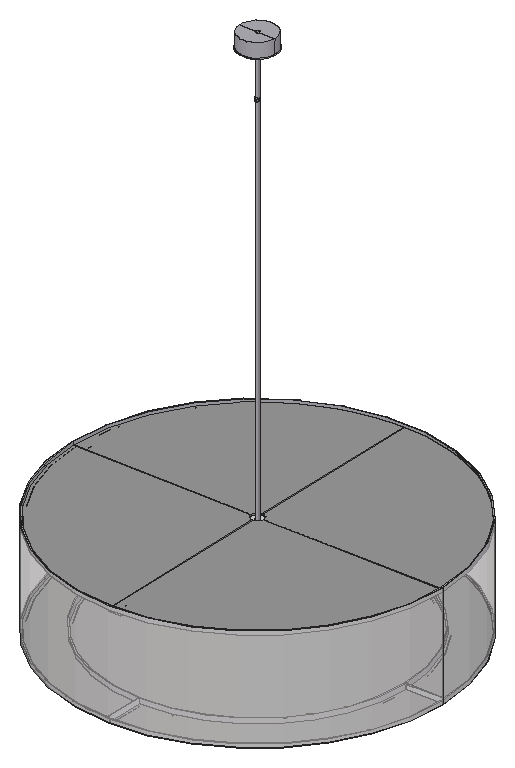
Revit family "Lighting - Lumetta - Pendant - P56017", category Lighting Fixtures, host Ceiling, Revit 2015
Parameters
  Wattage = 11.7117 W
  built-in parameter 1150110 = 1 (stored number, unit not read)
  URL = "https://lumetta.com/luminaires/drum-60-pendant/"
  Type Comments = "Drum 60'' Pendant"  # constant formula
  built-in parameter 1114217 = 1 (stored number, unit not read)
  Top Lens-Material [instance] = Acrylic - 2447 - White
  Top Lens [instance] = yes
  built-in parameter 1150109 = 1 (stored number, unit not read)
  built-in parameter 1150134 = (empty or 0)
  Suspension [instance] = 2
  built-in parameter 1150113 = 1 (stored number, unit not read)
  Stem Hung-ALL Lamping [instance] = Suspension = 2  # yes
  STD-NON_DIM [instance] = not([3-4-LED])  # yes
  Light Source Symbol Size = 0' - 1"
  Coupling-Stems Over 60 inches [instance] = and([Stem Hung-ALL Lamping], Fixture Drop > 5' 0")  # yes
  Model = "P56017"  # constant formula
  Manufacturer = "Lumetta, Inc."  # constant formula
  Lumens = 1300 lm
  built-in parameter 1150115 = 1 (stored number, unit not read)
  built-in parameter 1150105 = 103.45 (stored number, unit not read)
  built-in parameter 1150137 = (empty or 0)
  built-in parameter 1150139 = (empty or 0)
  built-in parameter 1150112 = 1 (stored number, unit not read)
  built-in parameter 1150114 = 1 (stored number, unit not read)
  built-in parameter 1150132 = 1
  built-in parameter 1150102 = (empty or 0)
  built-in parameter 1150138 = (empty or 0)
  built-in parameter 1150107 = 3000 (stored number, unit not read)
  built-in parameter 1150106 = 1.0345 (stored number, unit not read)
  Frame Finish [instance] = Paint - Lumetta - F02 - PC_Chrome
  Fixture Height [instance] = 1' - 5"
  Fixture Drop [instance] = 5' - 10"
  built-in parameter 1150104 = 10.312 (stored number, unit not read)
  Dimming Lamp Color Temperature Shift = (empty or 0)
  Diffuser Material [instance] = Shade - Lumetta - D61 - MT_White
  Description = ""
  Cord [instance] = Suspension = 1  # no
  Bottom Lens-Material [instance] = Acrylic - P95 - Etched White
  Bottom Lens [instance] = yes
  3-4-LED [instance] = and([3 or 4 Wire Dimming OR LED], Suspension = 1)  # no
  3 or 4 Wire Dimming OR LED [instance] = yes
  4 Cables [instance] = Suspension = 1  # no
  1CRD-4CBL-ALL Lamping [instance] = Suspension = 1  # no
  Cord Color [instance] = Cord, Black
  Color Filter = 16777215
  built-in parameter 1114218 = 1 (stored number, unit not read)
  built-in parameter 1150133 = 10 (stored number, unit not read)
Reference planes (in)
  plane 1 "Light Source Axis (F/B)": y = 0
  plane 2 "Ceiling": z = 96
  plane 3 "Light Source Axis (L/R)": x = 0
  plane 4 "Light Source Elevation": z = 23.5
  plane 5 "Fixture-Top": z = 26
  plane 6 "Fixture-OD": x = 30
  plane 7 "Fixture-Height": z = 9
  plane 8: y = 0
  plane 9 "Fix-OD2": y = 30
  plane 10: x = -30
  plane 11: y = -30
Forms (in)
  Revolve 1, solid, material "Paint - Lumetta - F02 - PC_Chrome" <- "Frame Finish", visible <- "1CRD-4CBL-ALL Lamping"
    sketch origin (0, 0, 0) x (1, 0, 0) y (0, 0, 1)
      loop
        line (0, 96) -> (0, 95.4375) -> (3, 95.4375) -> (3, 95.5) -> (2.87509, 95.5) -> (2.87509, 96) -> (0, 96)
      axis (0, 96) -> (0, 95.4375)
    angle from 0 to 360
  Extrusion 2, void
    sketch origin (0, 0, 95.4375) x (0, -1, 0) y (1, 0, 0)
      loop
        circle (0, 0) r 0.25
      loop
        circle (0, 2.5) r 0.06274
      loop
        circle (-2.16506, -1.25) r 0.06274
      loop
        circle (2.16506, -1.25) r 0.06274
    from 0 to 0.06358
  Revolve 3, solid, material "Paint - Lumetta - F02 - PC_Chrome" <- "Frame Finish"
    sketch origin (0, 0, 0) x (1, 0, 0) y (0, 0, 1)
      loop
        line (30, 26) -> (29.875, 26) -> (29.875, 25.5) -> (29.375, 25.5) -> (29.375, 25.375) -> (30, 25.375) -> (30, 26)
      loop
        line (29.375, 9.125) -> (29.375, 9) -> (30, 9) -> (30, 9.625) -> (29.875, 9.625) -> (29.875, 9.125) -> (29.375, 9.125)
      loop
        line (23.44124, 8.99418) -> (24.4375, 8.99418) -> (24.4375, 9.11828) -> (24.00157, 9.11828) -> (24.00157, 9.99258) -> (23.87763, 9.99258) -> (23.87763, 9.11828) -> (23.44124, 9.11828) -> (23.44124, 8.99418)
      axis (0, 26) -> (0, 8.99418)
    angle from 0 to 360
  Revolve 4, solid, material "Shade - Lumetta - D61 - MT_White" <- "Diffuser Material"
    sketch origin (0, 0, 0) x (1, 0, 0) y (0, 0, 1)
      loop
        line (30, 26) -> (30, 9) -> (30.06242, 9) -> (30.06242, 26) -> (30, 26)
      axis (0, 26) -> (0, 9)
    angle from 0 to 360
  Extrusion 5, solid, material "Paint - Lumetta - F02 - PC_Chrome" <- "Frame Finish", visible <- "Stem Hung-ALL Lamping"
    sketch origin (0, 0, 26) x (0, -1, 0) y (-1, 0, 0)
      loop
        circle (0, 0) r 0.25
    from 1.63906 to -70
  Revolve 6, solid, material "Paint - Lumetta - F02 - PC_Chrome" <- "Frame Finish", visible <- "Coupling-Stems Over 60 inches"
    sketch origin (0, 0, 0) x (1, 0, 0) y (0, 0, 1)
      loop
        line (0, 86.53023) -> (0, 86) -> (0.26233, 86)
        arc (0.26233, 86) -> (0.31307, 86.05074) -> (0.26233, 86.10149) r 0.05074
        arc (0.26233, 86.10149) -> (0.29304, 86.26499) -> (0.26243, 86.42851) r 0.45126
        arc (0.26243, 86.42851) -> (0.31329, 86.47937) -> (0.26243, 86.53023) r 0.05086
        line (0.26243, 86.53023) -> (0, 86.53023)
      axis (0, 86.53023) -> (0, 86)
    angle from 0 to 360
  Revolve 7, solid, material "Paint - Lumetta - F02 - PC_Chrome" <- "Frame Finish", visible <- "Stem Hung-ALL Lamping"
    sketch origin (0, 0, 0) x (1, 0, 0) y (0, 0, 1)
      loop
        line (0, 96) -> (0, 93.40625) -> (0.34988, 93.40625)
        arc (0.34988, 93.40625) -> (0.49124, 93.54417) -> (0.58115, 93.72) r 0.61026
        line (0.58115, 93.72) -> (3, 93.72) -> (3, 93.78) -> (2.875, 93.78) -> (2.875, 96) -> (0, 96)
      axis (0, 96) -> (0, 93.40625)
    angle from 0 to 360
  Extrusion 8, solid, material "Cord, Black" <- "Cord Color", visible <- "1CRD-4CBL-ALL Lamping"
    sketch origin (0, 0, 26) x (0, -1, 0) y (1, 0, 0)
      loop
        circle (0, 0) r 0.15674
    from -0.56254 to 70
  Extrusion 9, solid
    sketch origin (0, 0, 26) x (0, -1, 0) y (1, 0, 0)
      loop
        line (-1.15625, 29.46715) -> (-1.15625, 27.875) -> (1.15625, 27.875) -> (1.15625, 29.48432)
        arc (1.15625, 29.48432) -> (-0.00017, 29.4984) -> (-1.15625, 29.46715) r 29.50251
      loop
        circle (0, 28.375) r 0.11051
      loop
        line (-29.46715, -1.15625) -> (-27.875, -1.15625) -> (-27.875, 1.15625) -> (-29.48432, 1.15625)
        arc (-29.48432, 1.15625) -> (-29.4984, -0.00017) -> (-29.46715, -1.15625) r 29.50251
      loop
        circle (-28.375, 0) r 0.11051
      loop
        line (1.15625, -29.46715) -> (1.15625, -27.8779) -> (-1.15625, -27.8779) -> (-1.15625, -29.48432)
        arc (-1.15625, -29.48432) -> (0.00017, -29.4984) -> (1.15625, -29.46715) r 29.50251
      loop
        circle (0, -28.3779) r 0.11051
      loop
        line (29.46715, 1.15625) -> (27.875, 1.15625) -> (27.875, -1.15625) -> (29.48432, -1.15625)
        arc (29.48432, -1.15625) -> (29.4984, 0.00017) -> (29.46715, 1.15625) r 29.50251
      loop
        circle (28.375, 0) r 0.11051
    from -0.5 to -0.625
  Sweep 10, solid, visible <- "1CRD-4CBL-ALL Lamping"
    path origin (0, 0, 0) x (1, 0, 0) y (0, 0, 1)
      loop
        line (2.5, 95.50108) -> (27.375, 25.375)
    profile origin (14.9375, 0, 60.43804) x (0.942464, 0, 0.334309) y (0, -1, 0)
      loop
        circle (0, 0) r 0.03083
  Extrusion 11, solid, material "Acrylic - P95 - Etched White" <- "Bottom Lens-Material", visible <- "Bottom Lens"
    sketch origin (0, 0, 9) x (0, -1, 0) y (1, 0, 0)
      loop
        circle (0, 0) r 29.8125
    from 0.125 to 0.24324
  Extrusion 12, solid
    sketch origin (0, 0, 26) x (0, -1, 0) y (1, 0, 0)
      loop
        circle (0, 0) r 0.28281
      loop
        line (-28.875, -1) -> (-1, -1) -> (-1, -28.875) -> (1, -28.875) -> (1, -1) -> (28.875, -1) -> (28.875, 1) -> (1, 1) -> (1, 28.875) -> (-1, 28.875) -> (-1, 1) -> (-28.875, 1) -> (-28.875, -1)
      loop
        circle (0, 27.375) r 0.12316
      loop
        circle (27.375, 0.18243) r 0.12448
      loop
        circle (0, -27.375) r 0.12636
      loop
        circle (-27.375, 0) r 0.12313
    from -1.63906 to -0.625
  Revolve 13, solid, material "Paint - Lumetta - F02 - PC_Chrome" <- "Frame Finish", visible <- "STD-NON_DIM"
    sketch origin (0, 0, 0) x (1, 0, 0) y (0, 0, 1)
      loop
        line (0, 95.4375) -> (0, 94.87435) -> (0.28215, 94.87435) -> (0.37481, 95.4375) -> (0, 95.4375)
      axis (0, 95.4375) -> (0, 94.87435)
    angle from 0 to 360
  Revolve 14, solid, material "Paint - Lumetta - F02 - PC_Chrome" <- "Frame Finish", visible <- "3-4-LED"
    sketch origin (0, 0, 0) x (1, 0, 0) y (0, 0, 1)
      loop
        line (0, 95.4375) -> (0, 95.3765) -> (0.37481, 95.3765) -> (0.37481, 95.4375) -> (0, 95.4375)
      axis (0, 95.4375) -> (0, 95.3765)
    angle from 0 to 360
  Sweep 15, solid, visible <- "1CRD-4CBL-ALL Lamping"
    path origin (0, 0, 0) x (1, 0, 0) y (0, 0, 1)
      loop
        line (2.5, 95.50108) -> (27.375, 25.375)
    profile origin (14.9375, 0, 60.43804) x (0.942464, 0, 0.334309) y (0, -1, 0)
      loop
        circle (0, 0) r 0.03083
  Sweep 16, solid, visible <- "1CRD-4CBL-ALL Lamping"
    path origin (0, 0, 0) x (1, 0, 0) y (0, 0, 1)
      loop
        line (2.5, 95.50108) -> (27.375, 25.375)
    profile origin (14.9375, 0, 60.43804) x (0.942464, 0, 0.334309) y (0, -1, 0)
      loop
        circle (0, 0) r 0.03083
  Sweep 17, solid, visible <- "1CRD-4CBL-ALL Lamping"
    path origin (0, 0, 0) x (0, 1, 0) y (0, 0, 1)
      loop
        line (2.5, 95.50108) -> (27.375, 25.375)
    profile origin (0, 14.9375, 60.43804) x (0, 0.942464, 0.334309) y (1, 0, 0)
      loop
        circle (0, 0) r 0.03083
  Sweep 18, solid, visible <- "1CRD-4CBL-ALL Lamping"
    path origin (0, 0, 0) x (-1, 0, 0) y (0, 0, 1)
      loop
        line (2.5, 95.50108) -> (27.375, 25.375)
    profile origin (-14.9375, 0, 60.43804) x (-0.942464, 0, 0.334309) y (0, 1, 0)
      loop
        circle (0, 0) r 0.03083
  Sweep 19, solid, visible <- "1CRD-4CBL-ALL Lamping"
    path origin (0, 0, 0) x (0, -1, 0) y (0, 0, 1)
      loop
        line (2.5, 95.50108) -> (27.375, 25.375)
    profile origin (0, -14.9375, 60.43804) x (0, -0.942464, 0.334309) y (-1, 0, 0)
      loop
        circle (0, 0) r 0.03083
  Extrusion 20, solid, material "Acrylic - 2447 - White" <- "Top Lens-Material", visible <- "Top Lens"
    sketch origin (0, 0, 26) x (0, -1, 0) y (1, 0, 0)
      loop
        line (-0.0625, -29.80958) -> (-0.0625, -0.99417)
        arc (-0.0625, -0.99417) -> (-0.71114, -0.69923) -> (-0.99962, -0.04769) r 1.00175
        line (-0.99962, -0.04769) -> (-29.81511, -0.04769)
        arc (-29.81511, -0.04769) -> (-21.08656, -21.07447) -> (-0.0625, -29.80958) r 29.8125
      loop
        line (0.0625, -0.99804) -> (0.0625, -29.80959)
        arc (0.0625, -29.80959) -> (21.07926, -21.07879) -> (29.81117, -0.0625) r 29.81093
        line (29.81117, -0.0625) -> (0.99804, -0.0625)
        arc (0.99804, -0.0625) -> (0.70711, -0.70711) -> (0.0625, -0.99804) r 1
      loop
        arc (-0.99804, 0.0625) -> (-0.7071, 0.70711) -> (-0.06249, 0.99805) r 1
        line (-0.06249, 0.99805) -> (-0.06249, 29.80531)
        arc (-0.06249, 29.80531) -> (-21.07692, 21.07407) -> (-29.81503, 0.0625) r 29.82236
        line (-29.81503, 0.0625) -> (-0.99804, 0.0625)
      loop
        line (0.06249, 29.80533) -> (0.06249, 0.99805)
        arc (0.06249, 0.99805) -> (0.7071, 0.70711) -> (0.99804, 0.0625) r 1
        line (0.99804, 0.0625) -> (29.81116, 0.0625)
        arc (29.81116, 0.0625) -> (21.07852, 21.07681) -> (0.06249, 29.80533) r 29.8083
    from -0.5 to -0.35958
  Extrusion 21, solid, material "Paint - Lumetta - F02 - PC_Chrome" <- "Frame Finish"
    sketch origin (0, 0, 9) x (0, -1, 0) y (1, 0, 0)
      loop
        line (-29.62536, -0.5) -> (-24.12536, -0.5) -> (-24.12536, 0.5) -> (-29.62536, 0.5) -> (-29.62536, -0.5)
      loop
        line (0.5, -29.62536) -> (0.5, -24.12536) -> (-0.5, -24.12536) -> (-0.5, -29.62536) -> (0.5, -29.62536)
      loop
        line (29.62536, 0.5) -> (24.12536, 0.5) -> (24.12536, -0.5) -> (29.62536, -0.5) -> (29.62536, 0.5)
      loop
        line (-0.5, 29.62536) -> (-0.5, 24.12536) -> (0.5, 24.12536) -> (0.5, 29.62536) -> (-0.5, 29.62536)
    from 0 to 0.125
  Extrusion 22, solid
    sketch origin (0, 0, 9) x (0, -1, 0) y (1, 0, 0)
      loop
        line (-0.06251, 23.94118) -> (0.0666, 23.94118) -> (0.0666, 29.94118) -> (-0.06251, 29.94118) -> (-0.06251, 23.94118)
      loop
        line (0.06251, -23.94118) -> (-0.0666, -23.94118) -> (-0.0666, -29.94118) -> (0.06251, -29.94118) -> (0.06251, -23.94118)
      loop
        line (-23.94118, -0.06251) -> (-23.94118, 0.0666) -> (-29.94118, 0.0666) -> (-29.94118, -0.06251) -> (-23.94118, -0.06251)
      loop
        line (23.94118, 0.06251) -> (23.94118, -0.0666) -> (29.94118, -0.0666) -> (29.94118, 0.06251) -> (23.94118, 0.06251)
    from 0 to 0.99258
Dimensions and locks (in)
  equal spacing: host sketch curve, plane 3 "Light Source Axis (L/R)", host sketch curve
  equal spacing: host sketch curve, plane 1 "Light Source Axis (F/B)", host sketch curve
  host sketch curve to host sketch curve = 10' - 0"  (x2)
  "Fixture Drop": plane 2 "Ceiling" to plane 5 "Fixture-Top"
  locked: plane 5 "Fixture-Top" to plane 4 "Light Source Elevation" at 2.5
  locked: plane 6 "Fixture-OD" to plane 3 "Light Source Axis (L/R)" at 30
  "Fixture Height": plane 5 "Fixture-Top" to plane 7 "Fixture-Height"
  locked: Extrusion 2 sketch curve to Extrusion 2 sketch curve at 2.5
  locked: plane 6 "Fixture-OD" to Revolve 3 sketch curve at 0.125  (x2)
  locked: Revolve 4 sketch curve to plane 6 "Fixture-OD" at 0.06242
  Revolve 3 to Revolve 4 = 0' - 0 1/8"
  locked: Extrusion 5 sketch curve to imposter light
  locked: Extrusion 5 sketch curve to imposter light at 0
  Revolve 6 sketch curve to Revolve 6 sketch curve = 0' - 0.15822"
  locked: Revolve 6 sketch curve to Revolve 4 at 60
  locked: Revolve 6 sketch curve to Revolve 6 sketch curve at 0.53023
  locked: Revolve 6 sketch curve to Revolve 6 sketch curve at 0.26243
  locked: Revolve 6 sketch curve to Revolve 6 sketch curve at 0.26233
  locked: Revolve 6 sketch curve to Revolve 6 sketch curve at 0.05074
  locked: Revolve 6 sketch curve to Revolve 6 sketch curve at 0.47937
  locked: Revolve 6 sketch curve to Revolve 6 sketch curve at 0.26512
  locked: Revolve 7 sketch curve to Revolve 7 sketch curve at 2.875
  locked: Revolve 7 sketch curve to Revolve 7 sketch curve at 0.31375
  locked: plane 5 "Fixture-Top" to Revolve 3 sketch curve at 0.625
  locked: Revolve 3 sketch curve to Revolve 3 sketch curve at 0.125
  locked: Revolve 3 sketch curve to plane 7 "Fixture-Height" at 0.625
  locked: plane 6 "Fixture-OD" to Revolve 3 sketch curve at 0.625
  locked: Revolve 1 sketch curve to Revolve 1 sketch curve at 0.0625
  locked: host ceiling to Revolve 1 sketch curve at 0.5625
  locked: Revolve 1 sketch curve to Revolve 1 sketch curve at 0.5625
  Revolve 1 sketch curve to Revolve 1 sketch curve = 0' - 2.87509"
  equal spacing: Extrusion 9 sketch curve, plane 1 "Light Source Axis (F/B)", Extrusion 9 sketch curve, locked at 1.15625 each
  locked: Extrusion 9 sketch curve to plane 1 "Light Source Axis (F/B)" at 1.15625
  locked: Extrusion 9 sketch curve to plane 6 "Fixture-OD" at 1.625
  locked: Extrusion 9 sketch curve to plane 6 "Fixture-OD" at 2.125
  locked: Revolve 3 to plane 7 "Fixture-Height" at 0.625
  locked: Revolve 1 sketch curve to Revolve 1 sketch curve at 3
  locked: Revolve 1 sketch curve to Revolve 1 sketch curve at 2.87509
  locked: Revolve 13 sketch curve to Revolve 13 sketch curve at 0.37481
  locked: Revolve 13 sketch curve to Revolve 13 sketch curve at 0.28215
  locked: Revolve 1 to Revolve 13 sketch curve at 0.56315
  locked: Revolve 1 to Revolve 14 sketch curve at 0.061
  locked: plane 3 "Light Source Axis (L/R)" to Revolve 14 sketch curve at 0.37481
  locked: Extrusion 12 sketch curve to plane 3 "Light Source Axis (L/R)" at 1
  locked: plane 3 "Light Source Axis (L/R)" to Extrusion 12 sketch curve at 1
  locked: plane 9 "Fix-OD2" to plane 8 at 30
  locked: plane 10 to plane 3 "Light Source Axis (L/R)" at 30
  locked: plane 8 to plane 11 at 30
  locked: Extrusion 12 sketch curve to plane 9 "Fix-OD2" at 1.125
  Extrusion 12 sketch curve to plane 11 = 0' - 1 1/8"
  locked: Extrusion 12 sketch curve to Extrusion 12 sketch curve at 1.5  (x4)
  Revolve 3 to Extrusion 12 = 0' - 1.01406"
  Extrusion 9 sketch curve to Extrusion 9 sketch curve = 0' - 2 5/16"
  locked: Extrusion 9 sketch curve to plane 9 "Fix-OD2" at 2.125
  locked: Extrusion 9 sketch curve to plane 3 "Light Source Axis (L/R)" at 1.15625  (x2)
  locked: Extrusion 9 sketch curve to Extrusion 9 sketch curve at 2.3125
  locked: plane 10 to Extrusion 9 sketch curve at 2.1221
  locked: Extrusion 9 sketch curve to plane 8 at 1.15625  (x2)
  locked: plane 10 to Extrusion 9 sketch curve at 1.6221
  locked: plane 9 "Fix-OD2" to Extrusion 9 sketch curve at 1.625
  locked: Extrusion 9 sketch curve to plane 11 at 1.625
  locked: Extrusion 9 sketch curve to plane 11 at 2.125
  locked: plane 3 "Light Source Axis (L/R)" to Extrusion 9 sketch curve at 1.15625
  locked: Extrusion 20 to Revolve 3 at 0.14042
  locked: plane 8 to Extrusion 20 sketch curve at 0.0625
  plane 8 to Extrusion 20 sketch curve = 0' - 0 1/16"
  locked: Revolve 3 sketch curve to plane 7 "Fixture-Height" at 0.99258
  locked: Revolve 3 sketch curve to Revolve 3 sketch curve at 0.99626
  locked: Revolve 3 sketch curve to Revolve 3 sketch curve at 0.43593
  locked: Revolve 3 sketch curve to Revolve 3 sketch curve at 0.43639
  plane 3 "Light Source Axis (L/R)" to Revolve 3 sketch curve = 2' - 0 7/16"
  locked: Extrusion 21 sketch curve to plane 9 "Fix-OD2" at 0.37464
  locked: plane 3 "Light Source Axis (L/R)" to Extrusion 21 sketch curve at 0.5  (x2)
  locked: Extrusion 21 sketch curve to Extrusion 21 sketch curve at 1  (x4)
  locked: Extrusion 21 sketch curve to plane 8 at 24.12536  (x2)
  locked: Extrusion 21 sketch curve to plane 3 "Light Source Axis (L/R)" at 24.12536
  locked: plane 3 "Light Source Axis (L/R)" to Extrusion 21 sketch curve at 24.12536
  locked: Extrusion 21 sketch curve to plane 6 "Fixture-OD" at 0.37464
  locked: plane 8 to Extrusion 21 sketch curve at 0.5  (x2)
  locked: plane 10 to Extrusion 21 sketch curve at 0.37464
  locked: Extrusion 21 sketch curve to plane 11 at 0.37464
  locked: Extrusion 22 sketch curve to plane 6 "Fixture-OD" at 0.05882
  locked: plane 3 "Light Source Axis (L/R)" to Extrusion 22 sketch curve at 23.94118
  locked: plane 8 to Extrusion 22 sketch curve at 0.06251
  locked: Extrusion 22 sketch curve to Extrusion 22 sketch curve at 0.12911  (x4)
  locked: Extrusion 22 sketch curve to plane 9 "Fix-OD2" at 0.05882
  locked: Extrusion 22 sketch curve to plane 8 at 23.94118  (x2)
  locked: plane 3 "Light Source Axis (L/R)" to Extrusion 22 sketch curve at 0.0666
  locked: Extrusion 22 sketch curve to plane 3 "Light Source Axis (L/R)" at 23.94118
  locked: plane 10 to Extrusion 22 sketch curve at 0.05882
  locked: Extrusion 22 sketch curve to plane 8 at 0.0666
  locked: Extrusion 22 sketch curve to plane 11 at 0.05882
  locked: plane 3 "Light Source Axis (L/R)" to Extrusion 22 sketch curve at 0.06251
  locked: Extrusion 11 sketch curve to Extrusion 11 sketch curve (radius 2' - 5 13/16")
  locked: Extrusion 20 sketch curve to Extrusion 20 sketch curve (radius 2' - 5 13/16")
  aligned and locked: plane 3 "Light Source Axis (L/R)" to imposter light
  aligned and locked: plane 1 "Light Source Axis (F/B)" to imposter light
  aligned and locked: plane 4 "Light Source Elevation" to imposter light
  aligned and locked: Revolve 4 sketch curve to plane 3 "Light Source Axis (L/R)"
  aligned and locked: Revolve 6 sketch curve to Revolve 6 sketch curve  (x2)
  aligned and locked: host ceiling to Extrusion 5
  aligned and locked: host ceiling to Extrusion 8
  aligned and locked: Extrusion 12 to Extrusion 5
  aligned and locked: Extrusion 20 to Revolve 3
  aligned and locked: Extrusion 22 to Revolve 3
  aligned and locked: Revolve 3 to Extrusion 21
  aligned and locked: plane 7 "Fixture-Height" to Extrusion 21
Automatic sketch dimensions
  Revolve 6 sketch curve to plane 3 "Light Source Axis (L/R)" = 0' - 0"
  Revolve 6 sketch curve to Revolve 6 sketch curve = 0' - 11.34317"
  Revolve 7 sketch curve to plane 3 "Light Source Axis (L/R)" = 0' - 0"  (x3)
  Revolve 7 sketch curve to plane 2 "Ceiling" = 0' - 0"
  plane 3 "Light Source Axis (L/R)" to Revolve 7 sketch curve = 0' - 0.34988"
  Revolve 7 sketch curve to Revolve 7 sketch curve = 0' - 0.23126"
  Revolve 7 sketch curve to Revolve 7 sketch curve = 0' - 0 1/8"
  Revolve 7 sketch curve to plane 2 "Ceiling" = 0' - 2 3/32"
  Revolve 7 sketch curve to Revolve 7 sketch curve = 0' - 0.06"
  plane 2 "Ceiling" to Revolve 7 sketch curve = 0' - 1 3/4"
  Revolve 7 sketch curve to Revolve 7 sketch curve = 0' - 2 1/2"
  plane 1 "Light Source Axis (F/B)" to Extrusion 8 sketch curve = 0' - 0"
  Extrusion 8 sketch curve to plane 3 "Light Source Axis (L/R)" = 0' - 0"
  Extrusion 2 sketch curve to Revolve 1 = 0' - 0"
  Extrusion 2 sketch curve to Extrusion 2 sketch curve = 0' - 1 1/4"  (x2)
  Sweep 10 sketch curve to plane 1 "Light Source Axis (F/B)" = 0' - 0"
  Sweep 10 sketch curve to profile plane = 0' - 0"
  plane 1 "Light Source Axis (F/B)" to Extrusion 11 sketch curve = 0' - 0"
  Extrusion 11 sketch curve to plane 3 "Light Source Axis (L/R)" = 0' - 0"
  Revolve 1 sketch curve to plane 3 "Light Source Axis (L/R)" = 0' - 0"  (x2)
  Revolve 1 sketch curve to plane 5 "Fixture-Top" = 0' - 1 1/4"
  Revolve 1 sketch curve to Revolve 1 sketch curve = 0' - 9 3/4"
  Revolve 13 sketch curve to plane 3 "Light Source Axis (L/R)" = 0' - 0"  (x2)
  Revolve 13 sketch curve to plane 2 "Ceiling" = 0' - 0 9/16"
  Revolve 13 sketch curve to Revolve 13 sketch curve = 0' - 1.18685"
  plane 2 "Ceiling" to Revolve 13 sketch curve = 0' - 6 11/16"
  Revolve 14 sketch curve to plane 3 "Light Source Axis (L/R)" = 0' - 0"  (x2)
  Revolve 14 sketch curve to Revolve 14 sketch curve = 0' - 0.061"
  Revolve 14 sketch curve to Revolve 14 sketch curve = 0' - 0.82606"
  Revolve 14 sketch curve to plane 2 "Ceiling" = 0' - 0 1/4"
  Extrusion 2 sketch curve to Revolve 1 = 0' - 2.16506"
  Revolve 1 to Extrusion 2 sketch curve = 0' - 2.16506"
  Extrusion 12 sketch curve to plane 3 "Light Source Axis (L/R)" = 0' - 0"  (x2)
  plane 1 "Light Source Axis (F/B)" to Extrusion 12 sketch curve = 0' - 0"  (x3)
  plane 3 "Light Source Axis (L/R)" to Extrusion 12 sketch curve = 0' - 0.18243"
  Extrusion 12 sketch curve to plane 1 "Light Source Axis (F/B)" = 0' - 1"  (x2)
  plane 1 "Light Source Axis (F/B)" to Extrusion 12 sketch curve = 0' - 1"  (x2)
  plane 10 to Extrusion 12 sketch curve = 0' - 1 1/8"
  Extrusion 12 sketch curve to plane 3 "Light Source Axis (L/R)" = 0' - 1"
  plane 3 "Light Source Axis (L/R)" to Extrusion 12 sketch curve = 0' - 1"
  Extrusion 12 sketch curve to plane 6 "Fixture-OD" = 0' - 1 1/8"
  Sweep 10 sketch curve to plane 2 "Ceiling" = 0' - 0.49892"
  plane 3 "Light Source Axis (L/R)" to Sweep 10 sketch curve = 0' - 2 1/2"
  plane 5 "Fixture-Top" to Sweep 10 sketch curve = 0' - 0 5/8"
  Sweep 10 sketch curve to plane 6 "Fixture-OD" = 0' - 2 5/8"
  Extrusion 9 sketch curve to plane 3 "Light Source Axis (L/R)" = 0' - 0"  (x2)
  plane 1 "Light Source Axis (F/B)" to Extrusion 9 sketch curve = 0' - 0"  (x2)
  plane 10 to Extrusion 9 sketch curve = 0' - 0.51568"
  Extrusion 9 sketch curve to plane 9 "Fix-OD2" = 0' - 0.53285"
  Extrusion 9 sketch curve to Extrusion 9 sketch curve = 0' - 1.10932"
  plane 3 "Light Source Axis (L/R)" to Extrusion 9 sketch curve = 0' - 0.0033"
  Extrusion 9 sketch curve to plane 1 "Light Source Axis (F/B)" = 0' - 0.21884"
  Extrusion 9 sketch curve to plane 1 "Light Source Axis (F/B)" = 0' - 0.0033"
  plane 1 "Light Source Axis (F/B)" to Extrusion 9 sketch curve = 0' - 0.0033"
  Extrusion 9 sketch curve to plane 3 "Light Source Axis (L/R)" = 0' - 0.0033"
  plane 1 "Light Source Axis (F/B)" to Extrusion 9 sketch curve = 0' - 0.21884"
  plane 11 to Extrusion 9 sketch curve = 0' - 0.53285"
  plane 11 to Extrusion 9 sketch curve = 0' - 0.51568"
  Extrusion 9 sketch curve to plane 6 "Fixture-OD" = 0' - 0.53285"
  Sweep 15 sketch curve to plane 2 "Ceiling" = 0' - 0.49892"
  plane 3 "Light Source Axis (L/R)" to Sweep 15 sketch curve = 0' - 2 1/2"
  plane 5 "Fixture-Top" to Sweep 15 sketch curve = 0' - 0 5/8"
  Sweep 15 sketch curve to plane 6 "Fixture-OD" = 0' - 2 5/8"
  Sweep 15 sketch curve to plane 1 "Light Source Axis (F/B)" = 0' - 0"
  Sweep 15 sketch curve to profile plane = 0' - 0"
  Sweep 16 sketch curve to profile plane = 0' - 0"  (x2)
  Sweep 16 sketch curve to plane 2 "Ceiling" = 0' - 0.49892"
  plane 3 "Light Source Axis (L/R)" to Sweep 16 sketch curve = 0' - 2 1/2"
  plane 5 "Fixture-Top" to Sweep 16 sketch curve = 0' - 0 5/8"
  Sweep 16 sketch curve to plane 6 "Fixture-OD" = 0' - 2 5/8"
  Sweep 17 sketch curve to plane 2 "Ceiling" = 0' - 0.49892"
  Sweep 17 sketch curve to plane 1 "Light Source Axis (F/B)" = 0' - 2 1/2"
  plane 5 "Fixture-Top" to Sweep 17 sketch curve = 0' - 0 5/8"
  Sweep 17 sketch curve to plane 9 "Fix-OD2" = 0' - 2 5/8"
  Sweep 17 sketch curve to profile plane = 0' - 0"  (x2)
  Sweep 18 sketch curve to plane 2 "Ceiling" = 0' - 0.49892"
  Sweep 18 sketch curve to plane 3 "Light Source Axis (L/R)" = 0' - 2 1/2"
  plane 5 "Fixture-Top" to Sweep 18 sketch curve = 0' - 0 5/8"
  plane 10 to Sweep 18 sketch curve = 0' - 2 5/8"
  Sweep 18 sketch curve to profile plane = 0' - 0"
  profile plane to Sweep 18 sketch curve = 0' - 0"
  Sweep 19 sketch curve to plane 2 "Ceiling" = 0' - 0.49892"
  plane 1 "Light Source Axis (F/B)" to Sweep 19 sketch curve = 0' - 2 1/2"
  plane 5 "Fixture-Top" to Sweep 19 sketch curve = 0' - 0 5/8"
  plane 11 to Sweep 19 sketch curve = 0' - 2 5/8"
  profile plane to Sweep 19 sketch curve = 0' - 0"
  Sweep 19 sketch curve to profile plane = 0' - 0"
  Extrusion 20 sketch curve to Extrusion 20 sketch curve = 0' - 0.00265"  (x3)
  Extrusion 20 sketch curve to Extrusion 20 sketch curve = 0' - 0.00286"  (x3)
  plane 1 "Light Source Axis (F/B)" to Extrusion 20 sketch curve = 0' - 0"
  plane 3 "Light Source Axis (L/R)" to Extrusion 20 sketch curve = 0' - 0"
  plane 3 "Light Source Axis (L/R)" to Extrusion 20 sketch curve = 0' - 0 1/16"  (x2)
  plane 1 "Light Source Axis (F/B)" to Extrusion 20 sketch curve = 0' - 0.99804"
  Extrusion 20 sketch curve to Extrusion 20 sketch curve = 0' - 0"  (x3)
  Extrusion 20 sketch curve to Extrusion 20 sketch curve = 0' - 0.00387"
  Extrusion 20 sketch curve to Extrusion 20 sketch curve = 0' - 0.00158"
  Extrusion 20 sketch curve to plane 1 "Light Source Axis (F/B)" = 0' - 0 1/16"
  Extrusion 20 sketch curve to Extrusion 20 sketch curve = 0' - 0.00337"
  Extrusion 20 sketch curve to Extrusion 20 sketch curve = 0' - 0.00272"
  Extrusion 20 sketch curve to Extrusion 20 sketch curve = 0' - 0.00296"
  Extrusion 20 sketch curve to plane 3 "Light Source Axis (L/R)" = 0' - 0 1/16"
  Extrusion 20 sketch curve to Extrusion 20 sketch curve = 0' - 0.00159"
  Extrusion 20 sketch curve to Extrusion 20 sketch curve = 0' - 0.00559"
  plane 1 "Light Source Axis (F/B)" to Extrusion 20 sketch curve = 0' - 0 1/16"
  Extrusion 20 sketch curve to Extrusion 20 sketch curve = 0' - 0.00576"
  Extrusion 20 sketch curve to Extrusion 20 sketch curve = 0' - 0.00988"
  Extrusion 20 sketch curve to Extrusion 20 sketch curve = 0' - 0.01983"
  Extrusion 20 sketch curve to Extrusion 20 sketch curve = 0' - 0.00007"
  plane 11 to Extrusion 20 sketch curve = 0' - 0.18884"
  plane 3 "Light Source Axis (L/R)" to Revolve 3 sketch curve = 0' - 0"
  Revolve 3 sketch curve to plane 7 "Fixture-Height" = 0' - 0"
  Revolve 3 sketch curve to plane 6 "Fixture-OD" = 0' - 0"  (x2)
  Revolve 3 sketch curve to plane 5 "Fixture-Top" = 0' - 0"
  Revolve 3 sketch curve to plane 7 "Fixture-Height" = 0' - 0.11828"  (x2)
  Revolve 3 sketch curve to Revolve 3 sketch curve = 0' - 0 1/2"
  Revolve 3 sketch curve to plane 7 "Fixture-Height" = 0' - 0 1/8"
  plane 7 "Fixture-Height" to Revolve 3 sketch curve = 0' - 0.00582"
  Revolve 3 sketch curve to level = 0' - 10"
  Revolve 3 sketch curve to plane 2 "Ceiling" = 0' - 1"
  Revolve 4 sketch curve to plane 6 "Fixture-OD" = 0' - 0"
  Revolve 4 sketch curve to plane 7 "Fixture-Height" = 0' - 0"
  Revolve 4 sketch curve to plane 5 "Fixture-Top" = 0' - 0"
  plane 7 "Fixture-Height" to Revolve 4 sketch curve = 0' - 1 1/4"
  Revolve 4 sketch curve to plane 5 "Fixture-Top" = 0' - 2 1/4"
  radius of Extrusion 5 sketch curve = 0' - 0 1/4"
  radius of Extrusion 8 sketch curve = 0' - 0.15674"
  radius of Extrusion 2 sketch curve = 0' - 0.06274"  (x3)
  radius of Sweep 10 sketch curve = 0' - 0.03083"
  radius of Extrusion 2 sketch curve to Revolve 1 = 0' - 2 3/4"
  radius of Extrusion 12 sketch curve = 0' - 0.28281"
  radius of Extrusion 12 sketch curve = 0' - 0.12316"
  radius of Extrusion 12 sketch curve = 0' - 0.12448"
  radius of Extrusion 12 sketch curve = 0' - 0.12636"
  radius of Extrusion 12 sketch curve = 0' - 0.12313"
  radius of Extrusion 9 sketch curve = 0' - 0.11051"  (x4)
  radius of Sweep 15 sketch curve = 0' - 0.03083"
  radius of Sweep 16 sketch curve = 0' - 0.03083"
  radius of Sweep 17 sketch curve = 0' - 0.03083"
  radius of Sweep 18 sketch curve = 0' - 0.03083"
  radius of Sweep 19 sketch curve = 0' - 0.03083"
